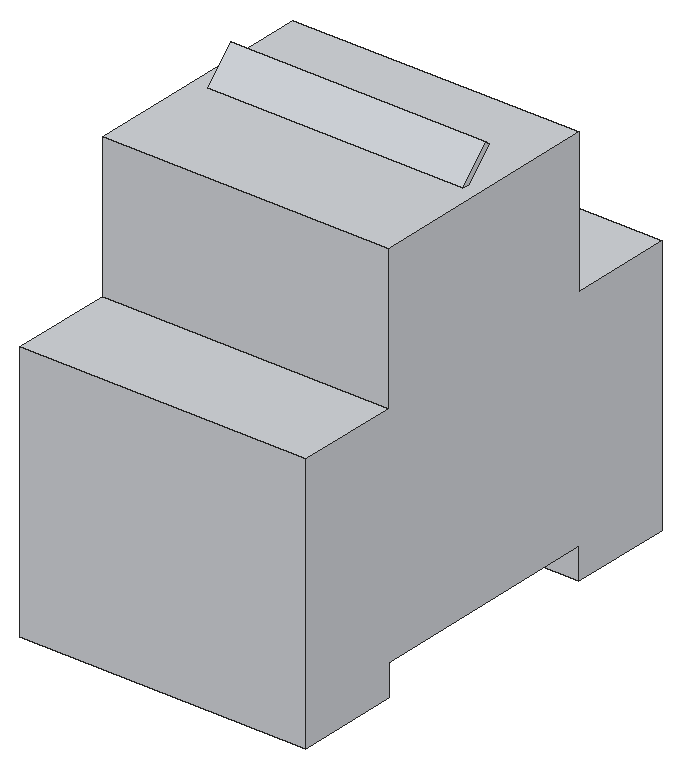
Revit family "Power-ModularDevices-GEWISS-90AM-SWITCH_DISCONNECTOR_3P", category Apparecchi elettrici, host Superficie, Revit 2016
Family settings
  Host = Superficie
  Mantenere orientamento annotazione = Sì
  Tipo di parte = Normale
  Quota connettore circolare = Usa diametro
  Numero OmniClass = 23.80.50.00
  Titolo OmniClass = Terminals for Power Supply
  Taglio con vuoti quando caricato = No
  Condiviso = No
  Punto di calcolo locali = Sì
Parameters (values of type "GW96169 - SWITCH DISCONNECTOR 3P 125A")
  potenza in watt = 0 V
  carico = Altro
  Version file RFA = "18.0"
  URL = "https://www.gewiss.com/ww/en"
  Technical sheet = "https://www.gewiss.com/ww/en/search?q=GW96169"
  Standard = "EN 60947-3"
  Spostamento_x = -340 mm
  SS [instance] = 69.967 mm
  SIMBOLO IN PIANTA [instance] = yes
  SEO = "Disconnector"
  Realized by GEWISS S.p.A. = ""
  Rated voltage AC = "415V"
  Rated voltage = "415Vac"
  Rated current: = "125A"
  Rated current (In) = "125A"
  Default Elevation = 1219.2 mm
  Produttore = "GEWISS S.p.A."
  Numero di poli = 1
  Spost_x_eff [instance] = 4000 mm + Spostamento_x  # 3660 mm
  Number of poles = "3P"
  No. of poles = "3P"
  No. of modules EN 50022 = "3"
  No. Chorus modules = "3"
  Modello = "GW96169"
  Immagine tipo = GW96124.jpg
  IFC.TypeObject = ""
  IFC.ExportType = ""
  IFC.ExportAs = ""
  IDT = "97457cef-319b-4fb2-b7b4-03318a77c985"
  IDF = "39a902cc-11b3-4623-980f-404ddf05e9d1"
  Electrocod = "1422"
  EAN code = "8011564131729"
  Descrizione = "SWITCH DISCONNECTOR 3P 125A"
  Catalogue Range = "90 AM"
  Catalogue = "POWER"
  COBie.Tagnumber = ""
  COBie.CreatedOn = ""
  COBie.CreatebBy = ""
  COBie.ComponentRegisterItemID = ""
  COBie.Component.TagNumber = ""
  COBie.Component.Space = ""
  COBie.Component.SerialNumber = ""
  COBie.Component.InstallationDate = ""
  COBie.Component.Description = ""
  COBie.Component.BarCode = ""
  Barra_DIN [instance] = 0 mm
Types (7, lengths in mm): name | URL | Technical sheet | Rated current: | Rated current (In) | Produttore | Modello | IDT | EAN code | Descrizione
  (no name) | 0 | "" | "" | "" | "GEWISS" | "GW96124" | "" | "" | "INTER.MANOVRA - SEZIONATORE 3P 32A"
  GW96169 - SWITCH DISCONNECTOR 3P 125A | "https://www.gewiss.com/ww/en" | "https://www.gewiss.com/ww/en/search?q=GW96169" | "125A" | "125A" | "GEWISS S.p.A." | "GW96169" | "97457cef-319b-4fb2-b7b4-03318a77c985" | "8011564131729" | "SWITCH DISCONNECTOR 3P 125A"
  GW96168 - SWITCH DISCONNECTOR 3P 100A | "https://www.gewiss.com/ww/en" | "https://www.gewiss.com/ww/en/search?q=GW96168" | "100A" | "100A" | "GEWISS S.p.A." | "GW96168" | "94448e6e-2001-4112-bf5e-1d115c5c9d7a" | "8011564131712" | "SWITCH DISCONNECTOR 3P 100A"
  GW96167 - SWITCH DISCONNECTOR 3P 80A | "https://www.gewiss.com/ww/en" | "https://www.gewiss.com/ww/en/search?q=GW96167" | "80A" | "80A" | "GEWISS S.p.A." | "GW96167" | "ac824332-05ff-460a-83f2-098ddaa9ad35" | "8011564131705" | "SWITCH DISCONNECTOR 3P 80A"
  GW96166 - SWITCH DISCONNECTOR 3P 63A | "https://www.gewiss.com/ww/en" | "https://www.gewiss.com/ww/en/search?q=GW96166" | "63A" | "63A" | "GEWISS S.p.A." | "GW96166" | "a8a24548-0f5e-4dd7-95a0-78d609724618" | "8011564131699" | "SWITCH DISCONNECTOR 3P 63A"
  GW96125 - SWITCH DISCONNECTOR 3P 40A | "https://www.gewiss.com/ww/en" | "https://www.gewiss.com/ww/en/search?q=GW96125" | "40A" | "40A" | "GEWISS S.p.A." | "GW96125" | "7130af9a-b38a-4985-96c5-476dd8f834ac" | "8011564110380" | "SWITCH DISCONNECTOR 3P 40A"
  GW96124 - SWITCH DISCONNECTOR 3P 32A | "https://www.gewiss.com/ww/en" | "https://www.gewiss.com/ww/en/search?q=GW96124" | "32A" | "32A" | "GEWISS S.p.A." | "GW96124" | "4db5d268-1331-46c6-aa48-1f1656096d48" | "8011564110373" | "SWITCH DISCONNECTOR 3P 32A"
Values of the unnamed type that differ from the named types
  Version file RFA = ""
  Standard = ""
  SEO = ""
  Rated voltage AC = ""
  Rated voltage = ""
  Number of poles = ""
  No. of poles = ""
  No. of modules EN 50022 = ""
  No. Chorus modules = ""
  IDF = ""
  Electrocod = ""
  Catalogue Range = ""
  Catalogue = ""
Reference planes
  plane 1 "Centro (Fronte/Retro)": y = 0
  plane 2: z = 0
  plane 3 "Centro (Sinistra/Destra)": x = 0
  plane 4: z = 0
Dimensions and locks
  "Barra_DIN": host face to plane 4
  aligned and locked: plane 2 to host face
  aligned and locked: level to host face
  aligned and locked: plane 3 "Centro (Sinistra/Destra)" to nested 1
  aligned and locked: plane 1 "Centro (Fronte/Retro)" to nested 1
Automatic sketch dimensions
  host sketch curve to host sketch curve = 6519.2 mm
  host sketch curve to host sketch curve = 4328.142 mm
Nested families
  nested 1: "GENERICO - 90AM SEZIONATORI 3P" at (0, 0, 7), type "GENERICO - 90AM SEZIONATORI 3P"
  nested 2: "MANOVRA" at (0, 69.967, 0), visible <- "SIMBOLO IN PIANTA", type "MANOVRA"
Connectors
  electrical at (0, 42, 25.5)
    settings: on nested 1, index 1, voltage 400 V, apparent load 0 VA, apparent load phase1 0 VA, apparent load phase2 0 VA, apparent load phase3 0 VA, power factor 1, load classification "Altro", number of poles 1, system type 31, power factor state 1, is connector primary yes, connector utility no, sub classification motor no, connector description ""
Definition of nested family "GENERICO - 90AM SEZIONATORI 3P"
  Parameters (values of type "GENERICO - 90AM SEZIONATORI 3P")
    h_barra din = if(Altezza barre = 1 mm, 69.9 mm, if(Altezza barre = 2 mm, 115.8 mm, 0 mm))  # 0 mm
    Default Elevation = 1219.2 mm
    H = if(AB_O = 1, AB_V, if(AB_O = 2, AB_H, 50.8 mm))  # 50.8 mm
    FINITURA = none
    Dist barra din = 0 mm  # constant formula
    C1 = 49 mm  # constant formula
    C = 70 mm  # constant formula
    B = 84 mm  # constant formula
    Altezza barre = 5 mm  # constant formula
    AB_V = 3 mm  # constant formula
    AB_H = 5 mm  # constant formula
    AB_O = 0  # constant formula
    A = 54 mm  # constant formula
  Reference planes
    plane 1 "Centro (Fronte/Retro)": y = 0
    plane 2: z = 0
    plane 3 "Centro (Sinistra/Destra)": x = 0
    plane 4: y = -42
    plane 5: y = 42
    plane 6: z = 0
    plane 7: z = -6
    plane 8 "top": z = 70
    plane 9 "incasso": z = 43
    plane 10: y = -22.5
    plane 11: y = 22.5
    plane 12: x = -27
    plane 13: x = 27
    plane 14: through (4267.2, -42.5, 9) normal (0, -0.1901, 0.9818)
    plane 15 "POSIZIONE": z = 70
    plane 16: y = 3.75
    plane 17: y = -3.75
    plane 18: through (-18, -1524, 18.5) normal (-0.891, 0, -0.454)
    plane 19: through (-36.892, 84.001, 1200) normal (0.9205, -0.3907, 0)
    plane 20: through (63.319, -123.627, 1200) normal (-0.9925, 0.1219, 0)
    plane 21: x = -17.777
    plane 22: z = 65
    plane 23: x = -24.109
    plane 24: x = 24.109
    plane 25: x = 18.109
    plane 26: x = -3.641
    plane 27: x = 3.641
  Forms (mm)
    Extrusion 1, solid, material <- "FINITURA"
      sketch origin (0, 0, 0) x (0, 1, 0) y (0, 0, 1)
        loop
          line (-22.5, 0) -> (22.5, 0) -> (22.5, -6) -> (42, -6) -> (42, 43) -> (22.5, 43) -> (22.5, 70) -> (-22.5, 70) -> (-22.5, 43) -> (-42, 43) -> (-42, -6) -> (-22.5, -6) -> (-22.5, 0)
      from -27 to 27
    Extrusion 2, solid
      sketch origin (0, 0, 0) x (0, 1, 0) y (0, 0, 1)
        loop
          line (0, 70) -> (4.778, 74.778) -> (4.175, 75.38) -> (-1.206, 70) -> (0, 70)
      from 24.109 to -24.109
  Lines and regions (mm)
    symbolic lines
      curve 1: line (0, 0, 15) -> (0, 0, -6)
      curve 2: line (0, -22.5, 0) -> (0, 22.5, 0)
    model lines
      curve 3: line (-27, 42, 43) -> (-27, 22.5, 43)
      curve 4: line (27, 42, 43) -> (27, 22.5, 43)
      curve 96: line (-27, -8.891, 70) -> (27, -8.891, 70)
      curve 97: line (21.52, 10.365, 70) -> (26.796, 8.172, 70)
      curve 98: line (26.796, 0.942, 70) -> (-26.749, 0.942, 70)
      curve 99: line (-26.749, 8.172, 70) -> (-21.473, 10.365, 70)
      curve 100: line (-24.358, -8.891, 70) -> (-24.358, 0.865, 70)
      curve 101: line (-6.448, -8.891, 70) -> (-6.448, 0.865, 70)
      curve 102: line (11.552, -8.891, 70) -> (11.552, 0.865, 70)
      curve 103: line (-11.595, -8.891, 70) -> (-11.595, 0.865, 70)
      curve 104: line (6.315, -8.891, 70) -> (6.315, 0.865, 70)
      curve 105: line (24.315, -8.891, 70) -> (24.315, 0.865, 70)
      curve 106: line (-10.712, -13.79, 70) -> (-10.712, -15.665, 70)
      curve 107: line (-10.712, -15.665, 70) -> (-14.462, -15.665, 70)
      curve 108: line (-14.462, -15.665, 70) -> (-14.462, -13.79, 70)
      curve 109: line (-14.462, -13.79, 70) -> (-10.712, -13.79, 70)
      curve 110: line (7.198, -13.79, 70) -> (7.198, -15.665, 70)
      curve 111: line (7.198, -15.665, 70) -> (3.448, -15.665, 70)
      curve 112: line (3.448, -15.665, 70) -> (3.448, -13.79, 70)
      curve 113: line (3.448, -13.79, 70) -> (7.198, -13.79, 70)
      curve 114: line (25.198, -13.79, 70) -> (25.198, -15.665, 70)
      curve 115: line (25.198, -15.665, 70) -> (21.448, -15.665, 70)
      curve 116: line (21.448, -15.665, 70) -> (21.448, -13.79, 70)
      curve 117: line (21.448, -13.79, 70) -> (25.198, -13.79, 70)
      curve 118: line (-27, 10.365, 70) -> (27, 10.365, 70)
    model lines, detail levels medium+fine
      curve 5: circle (-19.123, 33.391, 43) r 2.61 normal (0, 0, 1)
      curve 6: circle (16.877, 33.391, 43) r 2.499 normal (0, 0, 1)
      curve 7: circle (16.877, -33.109, 43) r 2.533 normal (0, 0, 1)
      curve 8: circle (-19.123, -33.109, 43) r 2.711 normal (0, 0, 1)
      curve 94: circle (0, 33.391, 43) r 2.61 normal (0, 0, 1)
      curve 95: circle (0, -33.109, 43) r 2.711 normal (0, 0, 1)
    model lines, detail levels fine
      curve 9: line (-23.074, -19.828, 70) -> (-23.074, -21.844, 70)
      curve 10: line (-23.074, -21.844, 70) -> (-23.749, -21.844, 70)
      curve 11: line (-23.749, -21.844, 70) -> (-24.141, -21.795, 70)
      curve 12: line (-24.141, -21.795, 70) -> (-24.62, -21.583, 70)
      curve 13: line (-24.62, -21.583, 70) -> (-25.001, -21.229, 70)
      curve 14: line (-25.001, -21.229, 70) -> (-25.253, -20.753, 70)
      curve 15: line (-25.253, -20.753, 70) -> (-25.331, -20.247, 70)
      curve 16: line (-25.331, -20.247, 70) -> (-25.255, -19.779, 70)
      curve 17: line (-25.255, -19.779, 70) -> (-25.053, -19.367, 70)
      curve 18: line (-25.053, -19.367, 70) -> (-24.689, -18.991, 70)
      curve 19: line (-24.689, -18.991, 70) -> (-24.25, -18.762, 70)
      curve 20: line (-24.25, -18.762, 70) -> (-23.756, -18.681, 70)
      curve 21: line (-23.756, -18.681, 70) -> (-23.074, -18.681, 70)
      curve 22: line (-23.074, -18.681, 70) -> (-23.074, -19.55, 70)
      curve 23: line (-23.074, -19.55, 70) -> (-24.221, -19.55, 70)
      curve 24: line (-24.221, -19.55, 70) -> (-24.221, -20.975, 70)
      curve 25: line (-24.221, -20.975, 70) -> (-23.942, -20.975, 70)
      curve 26: line (-23.942, -20.975, 70) -> (-23.942, -19.828, 70)
      curve 27: line (-23.942, -19.828, 70) -> (-23.074, -19.828, 70)
      curve 28: line (-20.345, -21.844, 70) -> (-22.796, -21.844, 70)
      curve 29: line (-22.796, -21.844, 70) -> (-22.796, -18.681, 70)
      curve 30: line (-22.796, -18.681, 70) -> (-21.492, -18.681, 70)
      curve 31: line (-21.492, -18.681, 70) -> (-21.492, -19.55, 70)
      curve 32: line (-21.492, -19.55, 70) -> (-21.927, -19.55, 70)
      curve 33: line (-21.927, -19.55, 70) -> (-21.927, -19.828, 70)
      curve 34: line (-21.927, -19.828, 70) -> (-20.345, -19.828, 70)
      curve 35: line (-20.345, -19.828, 70) -> (-20.345, -20.697, 70)
      curve 36: line (-20.345, -20.697, 70) -> (-21.927, -20.697, 70)
      curve 37: line (-21.927, -20.697, 70) -> (-21.927, -20.975, 70)
      curve 38: line (-21.927, -20.975, 70) -> (-20.345, -20.975, 70)
      curve 39: line (-20.345, -20.975, 70) -> (-20.345, -21.844, 70)
      curve 40: line (-15.914, -21.844, 70) -> (-15.914, -19.828, 70)
      curve 41: line (-15.914, -19.828, 70) -> (-16.783, -19.828, 70)
      curve 42: line (-16.783, -19.828, 70) -> (-16.783, -21.844, 70)
      curve 43: line (-16.783, -21.844, 70) -> (-15.914, -21.844, 70)
      curve 44: line (-18.825, -21.844, 70) -> (-18.564, -20.54, 70)
      curve 45: line (-18.564, -20.54, 70) -> (-18.303, -21.844, 70)
      curve 46: line (-18.303, -21.844, 70) -> (-17.434, -21.844, 70)
      curve 47: line (-17.434, -21.844, 70) -> (-16.896, -19.55, 70)
      curve 48: line (-16.896, -19.55, 70) -> (-15.914, -19.55, 70)
      curve 49: line (-15.914, -19.55, 70) -> (-15.914, -18.681, 70)
      curve 50: line (-15.914, -18.681, 70) -> (-17.582, -18.681, 70)
      curve 51: line (-17.582, -18.681, 70) -> (-17.895, -20.019, 70)
      curve 52: line (-17.895, -20.019, 70) -> (-18.112, -18.681, 70)
      curve 53: line (-18.112, -18.681, 70) -> (-19.016, -18.681, 70)
      curve 54: line (-19.016, -18.681, 70) -> (-19.233, -20.019, 70)
      curve 55: line (-19.233, -20.019, 70) -> (-19.546, -18.681, 70)
      curve 56: line (-19.546, -18.681, 70) -> (-21.214, -18.681, 70)
      curve 57: line (-21.214, -18.681, 70) -> (-21.214, -19.55, 70)
      curve 58: line (-21.214, -19.55, 70) -> (-20.232, -19.55, 70)
      curve 59: line (-20.232, -19.55, 70) -> (-19.695, -21.844, 70)
      curve 60: line (-19.695, -21.844, 70) -> (-18.825, -21.844, 70)
      curve 61: line (-13.185, -18.681, 70) -> (-15.636, -18.681, 70)
      curve 62: line (-15.636, -18.681, 70) -> (-15.636, -20.697, 70)
      curve 63: line (-15.636, -20.697, 70) -> (-14.054, -20.697, 70)
      curve 64: line (-14.054, -20.697, 70) -> (-14.054, -20.975, 70)
      curve 65: line (-14.054, -20.975, 70) -> (-15.636, -20.975, 70)
      curve 66: line (-15.636, -20.975, 70) -> (-15.636, -21.844, 70)
      curve 67: line (-15.636, -21.844, 70) -> (-13.185, -21.844, 70)
      curve 68: line (-13.185, -21.844, 70) -> (-13.185, -19.828, 70)
      curve 69: line (-13.185, -19.828, 70) -> (-14.767, -19.828, 70)
      curve 70: line (-14.767, -19.828, 70) -> (-14.767, -19.55, 70)
      curve 71: line (-14.767, -19.55, 70) -> (-13.185, -19.55, 70)
      curve 72: line (-13.185, -19.55, 70) -> (-13.185, -18.681, 70)
      curve 73: line (-12.907, -18.681, 70) -> (-12.907, -20.697, 70)
      curve 74: line (-12.907, -20.697, 70) -> (-11.432, -20.697, 70)
      curve 75: line (-11.432, -20.697, 70) -> (-11.432, -20.975, 70)
      curve 76: line (-11.432, -20.975, 70) -> (-12.907, -20.975, 70)
      curve 77: line (-12.907, -20.975, 70) -> (-12.907, -21.844, 70)
      curve 78: line (-12.907, -21.844, 70) -> (-12.038, -21.844, 70)
      curve 79: line (-12.038, -21.844, 70) -> (-11.536, -21.683, 70)
      curve 80: line (-11.536, -21.683, 70) -> (-11.212, -21.472, 70)
      curve 81: line (-11.212, -21.472, 70) -> (-10.842, -21.017, 70)
      curve 82: line (-10.842, -21.017, 70) -> (-10.669, -20.506, 70)
      curve 83: line (-10.669, -20.506, 70) -> (-10.664, -20.053, 70)
      curve 84: line (-10.664, -20.053, 70) -> (-10.711, -19.828, 70)
      curve 85: line (-10.711, -19.828, 70) -> (-12.038, -19.828, 70)
      curve 86: line (-12.038, -19.828, 70) -> (-12.038, -19.55, 70)
      curve 87: line (-12.038, -19.55, 70) -> (-10.83, -19.55, 70)
      curve 88: line (-10.83, -19.55, 70) -> (-10.987, -19.287, 70)
      curve 89: line (-10.987, -19.287, 70) -> (-11.213, -19.053, 70)
      curve 90: line (-11.213, -19.053, 70) -> (-11.527, -18.847, 70)
      curve 91: line (-11.527, -18.847, 70) -> (-11.856, -18.726, 70)
      curve 92: line (-11.856, -18.726, 70) -> (-12.225, -18.681, 70)
      curve 93: line (-12.225, -18.681, 70) -> (-12.907, -18.681, 70)
  Text (mm)
    text "AB_V" at (0, 50.868, 44.72), in view "Destra"
    text "AB_O" at (0, -80.659, 111.963), in view "Destra"
    text "AB_O" at (-90.351, 0, 31.414), in view "Anteriore"
    text "AB_V=0" at (25.467, -49.469, 0), in view "Livello rif."
  Dimensions and locks
    equal spacing: plane 4, plane 1 "Centro (Fronte/Retro)", plane 5
    "B": plane 4 to plane 5
    "Dist barra din": plane 6 to level
    locked: plane 6 to plane 7 at 6
    "C": plane 15 "POSIZIONE" to plane 6
    equal spacing: plane 10, plane 1 "Centro (Fronte/Retro)", plane 11
    plane 10 to plane 11 = 45 mm
    equal spacing: plane 12, plane 3 "Centro (Sinistra/Destra)", plane 13
    "A": plane 12 to plane 13
    "C1": plane 9 "incasso" to plane 7
    plane 12 to plane 13 = 54 mm
    equal spacing: plane 17, plane 1 "Centro (Fronte/Retro)", plane 16
    plane 17 to plane 16 = 7.5 mm
    locked: plane 15 "POSIZIONE" to plane 22 at 5
    locked: plane 12 to plane 23 at 2.891
    locked: plane 24 to plane 13 at 2.891
    plane 23 to plane 21 = 6.332 mm
    plane 25 to plane 24 = 6 mm
    equal spacing: plane 26, plane 3 "Centro (Sinistra/Destra)", plane 27
    angle level to plane 14 = 10.9557°
    angle plane 4 to plane 8 "top" = 90.00°
    angle plane 15 "POSIZIONE" to plane 13 = 90.00°
    angle plane 7 to plane 18 = 117.00°
    angle plane 19 to plane 20 = 16.00°
    angle plane 20 to plane 13 = 7.00°
    aligned and locked: level to plane 2
    aligned and locked: Extrusion 1 sketch curve to plane 6
    aligned and locked: Extrusion 1 sketch curve to plane 7
    aligned and locked: Extrusion 1 sketch curve to plane 4
    aligned and locked: Extrusion 1 sketch curve to plane 9 "incasso"  (x2)
    aligned and locked: Extrusion 1 sketch curve to plane 11  (x2)
    aligned and locked: Extrusion 1 sketch curve to plane 5
    aligned and locked: Extrusion 1 sketch curve to plane 10  (x2)
    aligned and locked: plane 1 "Centro (Fronte/Retro)" to curve 1
    aligned and locked: Extrusion 1 to plane 6
    aligned and locked: Extrusion 1 to plane 12
    aligned and locked: plane 13 to Extrusion 1
    aligned and locked: plane 15 "POSIZIONE" to Extrusion 1 sketch curve
  Automatic sketch dimensions
    curve 2 to level = 0 mm
    curve 2 to plane 10 = 0 mm
    curve 2 to plane 11 = 0 mm
    curve 1 to plane 7 = 0 mm
    level to curve 1 = 15 mm
    Extrusion 1 sketch curve to plane 7 = 0 mm
    curve 4 to plane 5 = 0 mm
    curve 3 to plane 5 = 0 mm
    curve 94 to plane 3 "Centro (Sinistra/Destra)" = 0 mm
    curve 3 to plane 11 = 0 mm
    curve 4 to plane 11 = 0 mm
    curve 95 to plane 3 "Centro (Sinistra/Destra)" = 0 mm
    curve 3 to plane 12 = 0 mm
    curve 4 to plane 13 = 0 mm
    curve 5 to plane 21 = 1.346 mm
    curve 5 to plane 5 = 8.609 mm
    plane 25 to curve 6 = 1.232 mm
    curve 6 to plane 5 = 8.609 mm
    curve 94 to plane 5 = 8.609 mm
    plane 4 to curve 95 = 8.891 mm
    curve 8 to plane 21 = 1.346 mm
    plane 4 to curve 8 = 8.891 mm
    plane 25 to curve 7 = 1.232 mm
    plane 4 to curve 7 = 8.891 mm
    curve 118 to plane 12 = 0 mm
    curve 96 to plane 12 = 0 mm
    curve 96 to plane 13 = 0 mm
    curve 118 to plane 13 = 0 mm
    plane 12 to curve 98 = 0.251 mm
    curve 16 to plane 23 = 1.222 mm
    curve 15 to curve 16 = 0.076 mm
    curve 15 to curve 15 = 0.078 mm
    curve 16 to curve 17 = 0.202 mm
    curve 14 to curve 14 = 0.252 mm
    curve 17 to curve 18 = 0.363 mm
    curve 13 to plane 23 = 0.511 mm
    curve 19 to plane 23 = 0.141 mm
    curve 23 to plane 23 = 0.112 mm
    curve 12 to plane 23 = 0.032 mm
    plane 23 to curve 27 = 0.167 mm
    plane 23 to curve 21 = 0.353 mm
    plane 23 to curve 11 = 0.36 mm
    curve 20 to curve 22 = 0.682 mm
    curve 10 to curve 9 = 0.675 mm
    curve 21 to curve 29 = 0.278 mm
    curve 22 to curve 33 = 1.147 mm
    curve 33 to curve 37 = 0.001 mm
    curve 32 to curve 31 = 0.435 mm
    curve 31 to curve 58 = 0.278 mm
    curve 57 to curve 34 = 0.869 mm
    curve 35 to curve 28 = 0 mm
    curve 34 to curve 58 = 0.113 mm
    curve 28 to curve 60 = 0.651 mm
    curve 58 to curve 56 = 0.686 mm
    curve 58 to curve 55 = 0.999 mm
    curve 55 to curve 53 = 0.53 mm
    curve 59 to curve 60 = 0.87 mm
    curve 44 to plane 21 = 0.787 mm
    curve 44 to curve 46 = 0.521 mm
    curve 52 to plane 21 = 0.335 mm
    curve 51 to plane 21 = 0.117 mm
    plane 21 to curve 50 = 0.195 mm
    plane 21 to curve 47 = 0.343 mm
    plane 21 to curve 48 = 0.882 mm
    curve 46 to curve 42 = 0.652 mm
    curve 41 to curve 48 = 0.869 mm
    curve 42 to curve 40 = 0.869 mm
    curve 49 to curve 61 = 0.278 mm
    curve 40 to curve 67 = 0.278 mm
    curve 40 to curve 70 = 1.147 mm
    curve 61 to curve 108 = 1.174 mm
    curve 69 to curve 64 = 0.713 mm
    curve 63 to curve 69 = 0.869 mm  (x2)
    curve 72 to curve 68 = 0 mm
    curve 67 to curve 76 = 0.278 mm
    curve 61 to curve 73 = 0.278 mm
    curve 73 to curve 92 = 0.682 mm
    curve 68 to curve 86 = 1.147 mm
    curve 77 to curve 78 = 0.869 mm
    curve 92 to curve 91 = 0.369 mm
    plane 10 to curve 79 = 0.817 mm
    curve 78 to curve 79 = 0.502 mm
    curve 91 to curve 90 = 0.329 mm
    curve 79 to curve 74 = 0.104 mm
    curve 90 to curve 90 = 0.315 mm
    plane 10 to curve 81 = 1.028 mm
    curve 79 to curve 81 = 0.324 mm
    plane 10 to curve 88 = 3.213 mm
    curve 89 to curve 88 = 0.226 mm
    plane 10 to curve 82 = 1.483 mm
    curve 80 to curve 82 = 0.371 mm
    curve 88 to curve 87 = 0.157 mm
    curve 91 to curve 106 = 1.144 mm
    plane 10 to curve 84 = 2.672 mm
    curve 87 to curve 84 = 0.118 mm
    plane 10 to curve 83 = 1.994 mm
    curve 81 to curve 83 = 0.172 mm
    plane 10 to curve 83 = 2.447 mm
    curve 84 to curve 83 = 0.047 mm
    plane 27 to curve 112 = 0.193 mm
    curve 110 to plane 27 = 3.557 mm
    plane 24 to curve 117 = 2.661 mm
    curve 114 to plane 24 = 1.089 mm
    curve 98 to plane 13 = 0.204 mm
    plane 10 to curve 28 = 0.656 mm
    plane 10 to curve 60 = 0.656 mm
    plane 10 to curve 68 = 0.656 mm
    curve 40 to curve 66 = 0 mm
    curve 67 to curve 77 = 0 mm
    curve 44 to curve 45 = 0 mm
    curve 28 to curve 9 = 0 mm
    curve 10 to curve 11 = 0.049 mm
    curve 11 to curve 12 = 0.212 mm
    curve 12 to curve 13 = 0.353 mm
    curve 12 to curve 25 = 0.608 mm
    curve 28 to curve 38 = 0.869 mm
    curve 77 to curve 76 = 0.869 mm
    curve 66 to curve 65 = 0.869 mm
    curve 13 to curve 15 = 0.476 mm
    curve 37 to curve 37 = 0.278 mm
    curve 65 to curve 62 = 0.278 mm
    curve 75 to curve 75 = 0.278 mm
    curve 45 to curve 44 = 1.303 mm
    curve 14 to curve 16 = 0.507 mm
    curve 44 to curve 55 = 0.521 mm
    curve 44 to curve 52 = 0.521 mm
    curve 25 to curve 26 = 1.147 mm
    curve 51 to curve 42 = 0.191 mm
    curve 36 to curve 33 = 0.869 mm
    curve 15 to curve 16 = 0.468 mm
    curve 26 to curve 23 = 0.278 mm
    curve 69 to curve 70 = 0.278 mm
    curve 34 to curve 59 = 0.278 mm
    curve 85 to curve 86 = 0.278 mm
    curve 40 to curve 49 = 0.278 mm
    curve 33 to curve 33 = 0.278 mm
    curve 16 to curve 18 = 0.412 mm
    curve 88 to curve 90 = 0.234 mm
    curve 17 to curve 19 = 0.376 mm
    curve 89 to curve 90 = 0.207 mm
    curve 18 to curve 19 = 0.228 mm
    curve 90 to curve 92 = 0.12 mm
    curve 57 to curve 57 = 0.869 mm
    curve 48 to curve 61 = 0.869 mm
    curve 55 to curve 54 = 0 mm
    curve 91 to curve 92 = 0.045 mm
    curve 52 to curve 51 = 0 mm
    curve 31 to curve 56 = 0 mm
    curve 22 to curve 29 = 0 mm
    plane 10 to curve 111 = 6.835 mm
    plane 10 to curve 116 = 6.835 mm
    curve 91 to curve 106 = 3.061 mm
    curve 106 to curve 106 = 1.875 mm
    curve 110 to curve 110 = 1.875 mm
    curve 114 to curve 114 = 1.875 mm
    curve 99 to plane 16 = 4.422 mm
    curve 97 to plane 16 = 4.422 mm
    curve 100 to plane 23 = 0.249 mm
    plane 23 to curve 99 = 2.636 mm
    plane 26 to curve 101 = 2.807 mm
    curve 102 to plane 1 "Centro (Fronte/Retro)" = 0.865 mm
    curve 104 to curve 102 = 5.236 mm
    plane 24 to curve 97 = 2.589 mm
    curve 105 to plane 24 = 0.206 mm
    curve 105 to plane 1 "Centro (Fronte/Retro)" = 0.865 mm
    curve 104 to plane 1 "Centro (Fronte/Retro)" = 0.865 mm
    curve 103 to plane 1 "Centro (Fronte/Retro)" = 0.865 mm
    curve 101 to plane 1 "Centro (Fronte/Retro)" = 0.865 mm
    curve 100 to plane 1 "Centro (Fronte/Retro)" = 0.865 mm
    Extrusion 2 sketch curve to plane 8 "top" = 0 mm
    Extrusion 2 sketch curve to plane 1 "Centro (Fronte/Retro)" = 0 mm
    plane 1 "Centro (Fronte/Retro)" to Extrusion 2 sketch curve = 1.206 mm
    Extrusion 2 sketch curve to plane 16 = 0.425 mm
    Extrusion 2 sketch curve to Extrusion 2 sketch curve = 0.603 mm
    curve 103 to curve 106 = 0.883 mm
    curve 104 to plane 27 = 2.674 mm
    plane 17 to curve 102 = 5.141 mm
    curve 97 to plane 13 = 0.204 mm
    plane 12 to curve 99 = 0.251 mm
    curve 98 to plane 1 "Centro (Fronte/Retro)" = 0.942 mm
    curve 97 to curve 97 = 2.193 mm
    radius of curve 5 = 2.61 mm
    radius of curve 6 = 2.499 mm
    radius of curve 7 = 2.533 mm
    radius of curve 8 = 2.711 mm
    radius of curve 94 = 2.61 mm
    radius of curve 95 = 2.711 mm
Definition of nested family "MANOVRA"
  Reference planes
    plane 1: y = 0
    plane 2: x = 0
  Lines and regions (mm)
    detail lines, not visible
      curve 1: line (0, 0, 0) -> (-0.001, 3.334, 0)
      curve 2: line (0.277, 3.334, 0) -> (-0.278, 3.334, 0)
      curve 3: line (-0.278, 3.334, 0) -> (-0.001, 4.223, 0)
      curve 4: line (-0.001, 4.223, 0) -> (0.277, 3.334, 0)
      curve 5: line (0.277, 3.334, 0) -> (-0.001, 4.223, 0)
      curve 6: line (-0.001, 4.223, 0) -> (-0.278, 3.334, 0)
      curve 7: line (-0.278, 3.334, 0) -> (0.277, 3.334, 0)
      curve 8: line (0.277, 3.334, 0) -> (-0.001, 4.223, 0)
      curve 9: line (-0.001, 4.223, 0) -> (-0.278, 3.334, 0)
      curve 10: line (-0.445, 4.612, 0) -> (0.444, 4.612, 0)
      curve 11: line (0.444, 4.612, 0) -> (0.444, 2.39, 0)
      curve 12: line (0.444, 2.39, 0) -> (-0.445, 2.389, 0)
      curve 13: line (-0.445, 2.389, 0) -> (-0.445, 4.612, 0)
      curve 18: line (5.101, 5.36, 0) -> (5.101, 6.027, 0)
      curve 19: line (4.934, 5.36, 0) -> (5.268, 5.36, 0)
      curve 20: line (4.545, 5.249, 0) -> (5.101, 4.082, 0)
      curve 21: line (5.101, 4.082, 0) -> (5.101, 1.026, 0)
    detail lines
      curve 14: line (0, 4.334, 0) -> (0, 5.001, 0)
      curve 15: line (-0.167, 4.334, 0) -> (0.167, 4.334, 0)
      curve 16: line (-0.556, 4.223, 0) -> (0, 3.056, 0)
      curve 17: line (0, 3.056, 0) -> (0, 0, 0)
  Dimensions and locks
    aligned and locked: plane 1 to curve 17
    aligned and locked: curve 17 to plane 2
